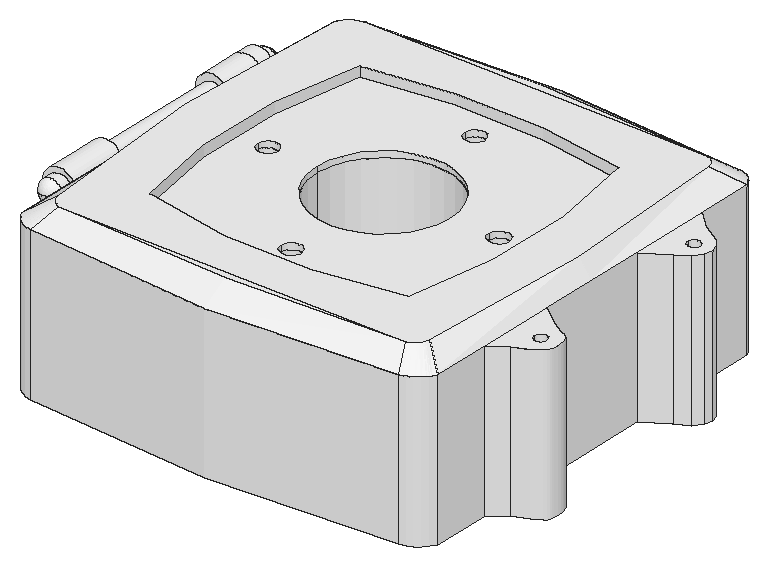
Revit family "DA-JB2300-IDIS", category Security Devices, Revit 2015
Parameters
  Default Elevation = 1219.2 mm
Reference planes
  plane 1 "Center (Front/Back)": y = 0
  plane 2: z = 0
  plane 3 "Center (Left/Right)": x = 0
  plane 4: z = 47.5
  plane 5: z = 52.3
  plane 6: z = 49.3
  plane 7: z = 43.371
  plane 8: x = -64.794
Forms (mm)
  Extrusion 1, solid, material "Metal - White - IDIS"
    sketch origin (0, 0, 0) x (1, 0, 0) y (0, 1, 0)
      loop
        arc (58.545, 65.707) -> (0.276, 69.25) -> (-57.988, 65.638) r 476.342
        arc (-57.988, 65.638) -> (-62.8, 63.645) -> (-64.794, 58.832) r 6.806
        line (-64.794, 58.832) -> (-64.794, -60.564)
        arc (-64.794, -60.564) -> (-61.956, -64.077) -> (-57.779, -65.793) r 9.099
        arc (-57.779, -65.793) -> (-0.115, -69.822) -> (57.552, -65.86) r 418.117
        arc (57.552, -65.86) -> (62.016, -64.001) -> (64.991, -60.19) r 9.52
        line (64.991, -60.19) -> (64.991, -42.225) -> (69.963, -38.17)
        spline (69.963, -38.17) -> (73.922, -36.602) -> (76.519, -35.14) -> (77.978, -33.833) -> (78.608, -32.641) -> (78.827, -31.408) -> (78.924, -30.019) -> (78.783, -28.498) -> (78.284, -26.994) -> (77.455, -25.859) -> (76.275, -25.092) -> (74.572, -24.157) -> (71.519, -22.402)
        line (71.519, -22.402) -> (64.991, -17.541) -> (64.991, 17.877) -> (72.339, 22.595) -> (76.382, 24.946) -> (78.32, 27.602) -> (78.901, 29.898) -> (78.265, 32.166) -> (75.934, 34.866) -> (70.203, 38.158) -> (64.991, 43.165) -> (64.991, 60.784)
        arc (64.991, 60.784) -> (62.436, 64.12) -> (58.545, 65.707) r 8.02
    from 0 to 47.5
  SweptBlend 2, solid, material "Metal - White - IDIS"
    path origin (0, 0, 0) x (1, 0, 0) y (0, 0, 1)
      loop
        line (-0.113, 47.5) -> (-0.113, 52.5)
    profile origin (-0.113, 0, 47.5) x (-1, 0, 0) y (0, -1, 0)
      loop
        arc (-58.658, -65.707) -> (-0.389, -69.25) -> (57.875, -65.638) r 476.342
        arc (57.875, -65.638) -> (62.687, -63.645) -> (64.681, -58.832) r 6.806
        line (64.681, -58.832) -> (64.681, 60.564)
        arc (64.681, 60.564) -> (61.843, 64.077) -> (57.665, 65.793) r 9.099
        arc (57.665, 65.793) -> (0.002, 69.822) -> (-57.665, 65.86) r 418.117
        arc (-57.665, 65.86) -> (-62.129, 64.001) -> (-65.104, 60.19) r 9.52
        line (-65.104, 60.19) -> (-65.104, -60.784)
        arc (-65.104, -60.784) -> (-62.549, -64.12) -> (-58.658, -65.707) r 8.02
    end profile origin (-0.113, 0, 52.5) x (-1, 0, 0) y (0, -1, 0)
      loop
        arc (-53.685, -59.06) -> (-0.176, -61.737) -> (53.325, -58.889) r 519.443
        arc (53.325, -58.889) -> (56.684, -57.469) -> (58.685, -54.42) r 6.27
        arc (58.685, -54.42) -> (61.489, 0.128) -> (57.588, 54.608) r 444.976
        arc (57.588, 54.608) -> (56.404, 57.433) -> (53.956, 59.277) r 5.868
        arc (53.956, 59.277) -> (-0.232, 61.743) -> (-54.42, 59.249) r 593.176
        arc (-54.42, 59.249) -> (-57.141, 57.657) -> (-58.214, 54.693) r 4.633
        arc (-58.214, 54.693) -> (-60.964, -0.249) -> (-57.589, -55.156) r 494.037
        arc (-57.589, -55.156) -> (-56.445, -57.916) -> (-53.685, -59.06) r 3.904
  Extrusion 3, void
    sketch origin (-1506.53, -1524, 52.3) x (0, -1, 0) y (-1, 0, 0)
      loop
        arc (-1564.989, -1547.393) -> (-1523.895, -1552.446) -> (-1482.793, -1547.458) r 170.733
        arc (-1482.793, -1547.458) -> (-1477.844, -1506.601) -> (-1483.384, -1465.82) r 161.495
        arc (-1483.384, -1465.82) -> (-1524.405, -1460.52) -> (-1565.393, -1466.07) r 157.693
        arc (-1565.393, -1466.07) -> (-1569.471, -1506.753) -> (-1564.989, -1547.393) r 195.307
    from -0.812 to 3
  Extrusion 4, void
    sketch origin (0, 45.473, 49.3) x (-1, 0, 0) y (0, 1, 0)
      loop
        circle (0.035, -9.627) r 3.2
      loop
        circle (-36.123, -45.473) r 3.274
      loop
        circle (36.07, -45.554) r 3.193
      loop
        circle (-0.094, -81.622) r 3.232
      loop
        circle (0, -45.473) r 20.841
    from 0 to 60
  Extrusion 5, void
    sketch origin (-1506.53, -1524, 47.5) x (0, -1, 0) y (-1, 0, 0)
      loop
        circle (-1493.758, -1579.837) r 2
      loop
        circle (-1553.912, -1579.741) r 2
    from 0 to 50
  Revolve 6, solid, material "Metal - White - IDIS"
    sketch origin (-103.287, -1524, 43.371) x (-1, 0, 0) y (0, -1, 0)
      loop
        arc (-33.106, -1568.45) -> (-30.847, -1567.72) -> (-29.407, -1565.833) r 3.977
        line (-29.407, -1565.833) -> (-29.407, -1562.639) -> (-27.736, -1562.639) -> (-27.736, -1557.867) -> (-27.736, -1544.861) -> (-29.829, -1544.861) -> (-29.829, -1503.197) -> (-27.736, -1503.197) -> (-27.736, -1485.129) -> (-29.327, -1485.129) -> (-29.327, -1481.808)
        arc (-29.327, -1481.808) -> (-30.76, -1479.797) -> (-33.106, -1479.027) r 3.957
        line (-33.106, -1479.027) -> (-33.106, -1568.45)
      axis (-33.106, -1568.45) -> (-33.106, -1479.027)
    angle from 0 to 360
Cuts and joins
  Extrusion 3, Extrusion 4 cuts SweptBlend 2
  Extrusion 4, Extrusion 5 cuts Extrusion 1
Dimensions and locks
  aligned and locked: level to plane 2
  aligned and locked: plane 4 to Extrusion 1
